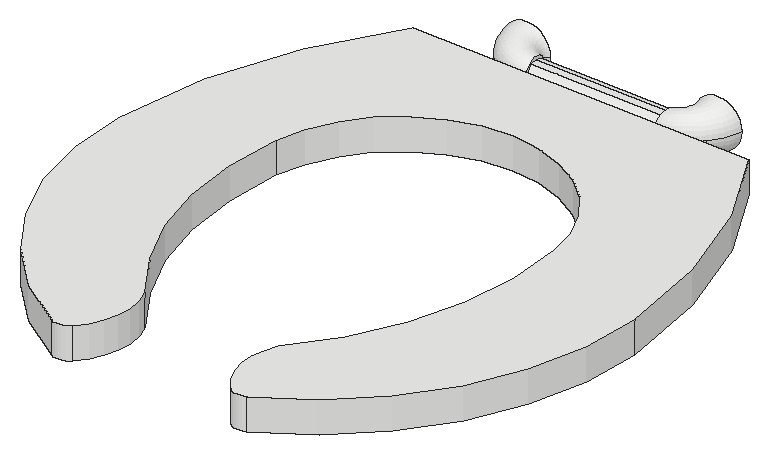
Revit family "Toilet_Seat-Right_Width-American_Standard-5309110.020", category Plumbing Fixtures, Revit 2019
Family settings
  Round Connector Dimension = Use Diameter
  Part Type = Normal
  OmniClass Number = 23.45.05.21.11
  OmniClass Title = Water Closets
  Work Plane-Based = Yes
  Always vertical = No
  Cut with Voids When Loaded = No
  Shared = Yes
  Room Calculation Point = No
Parameters (values of type "5309110.020")
  Width = 16 7/16"
  Waste Connection = no
  Vent Connection = no
  URL = "https://www.americanstandard-us.com/Elongated-Toilet-Seats/Right-Width-Open-Front-Elongated-Toilet-Seat/WHITE-5309110020"
  Type Comments = ""
  Revised Date = "03/01/2023"  # constant formula
  Product Page URL = "https://www.americanstandard-us.com/"
  Product Documentation Link = "https://americanstandard.box.com/shared/static/yolmud1915loqpwtiywmv0p1gmptvsht.pdf"
  Model = "5309110.020"
  Material = "Polypropylene-American Standard-020-White"
  Manufacturer = "American Standard"
  Keynote = ""
  Installation Type = "Toilet Mounted"
  HW Connection = no
  Finish = Polypropylene-American Standard-020-White
  Description = "Right Width Open Front Elongated Toilet Seat"
  Default Elevation = 0"
  Creation Date = "13/04/2012"  # constant formula
  Cost = 0
  CW Connection = no
  Assembly Code = "D2010110"
Reference planes (in)
  plane 1 "Center (Front/Back)": y = 0
  plane 2: z = 0
  plane 3 "Center (Left/Right)": x = 0
  plane 4: x = -8.21875
  plane 5: x = 8.21875
  plane 6: x = -1.9375
  plane 7: x = 1.9375
  plane 8: x = -4.53125
  plane 9: x = 4.53125
  plane 10: y = 1.66122
Forms (in)
  Extrusion 1, solid, material "Polypropylene-American Standard-020-White" <- "Finish"
    sketch origin (-0.02594, 0, 0) x (1, 0, 0) y (0, 1, 0)
      loop
        arc (-5.33054, 0) -> (-7.35445, -3.85548) -> (-8.20457, -8.12611) r 15.22916
        arc (-8.20457, -8.12611) -> (-6.96875, -13.41443) -> (-3.09272, -17.21837) r 9.73748
        arc (-3.09272, -17.21837) -> (-2.77108, -17.27076) -> (-2.48547, -17.11382) r 0.5
        arc (-2.48547, -17.11382) -> (-1.9372, -15.96239) -> (-2.11471, -14.6995) r 2.21496
        arc (-2.11471, -14.6995) -> (-4.13549, -10.88904) -> (-4.42898, -6.58589) r 10.35705
        arc (-4.42898, -6.58589) -> (0.02594, -2.72123) -> (4.48087, -6.58589) r 4.5
        arc (4.48087, -6.58589) -> (4.18738, -10.88904) -> (2.1666, -14.6995) r 10.35705
        arc (2.1666, -14.6995) -> (1.98909, -15.96239) -> (2.53735, -17.11382) r 2.21496
        arc (2.53735, -17.11382) -> (2.82296, -17.27076) -> (3.14461, -17.21837) r 0.5
        arc (3.14461, -17.21837) -> (7.02063, -13.41443) -> (8.25645, -8.12611) r 9.73748
        arc (8.25645, -8.12611) -> (7.40633, -3.85548) -> (5.38242, 0) r 15.22916
        line (5.38242, 0) -> (-5.33054, 0)
    from 0 to 1
  Extrusion 2, solid, material "Polypropylene-American Standard-020-White" <- "Finish"
    sketch origin (0.00074, 19.41387, 0) x (0, 1, 0) y (0, 0, 1)
      loop
        arc (-18.58384, 0) -> (-18.14912, 0.43472) -> (-18.58384, 0.86945) r 0.43472
        line (-18.58384, 0.86945) -> (-18.79135, 0.86945)
        arc (-18.79135, 0.86945) -> (-19.0647, 0.62084) -> (-19.41387, 0.5) r 0.91892
        line (-19.41387, 0.5) -> (-19.41387, 0) -> (-18.58384, 0)
    from -2.23711 to 2.23564
  SweptBlend 3, solid, material "Polypropylene-American Standard-020-White" <- "Finish"
    path origin (-0.17323, 0.41563, 0) x (0.999978, 0.006659, 0) y (-0.006659, 0.999978, 0)
      loop
        arc (-1.94016, 0.42998) -> (-2.59604, 0.63628) -> (-2.87488, 1.26476) r 0.83517
    profile origin (-2.11621, 0.83269, 0) x (0.125828, -0.992052, 0) y (0, 0, 1)
      loop
        circle (0, 0.51526) r 0.43472
    end profile origin (-3.05647, 1.66122, 0) x (-1, 0, 0) y (0, 0, 1)
      loop
        circle (0, 0.51804) r 0.75
  SweptBlend 4, solid, material "Polypropylene-American Standard-020-White" <- "Finish"
    path origin (0.17323, 0.41563, 0) x (-0.999978, 0.006659, 0) y (0.006659, 0.999978, 0)
      loop
        arc (-1.94016, 0.42998) -> (-2.59604, 0.63628) -> (-2.87488, 1.26476) r 0.83517
    profile origin (2.11621, 0.83269, 0) x (0.125828, 0.992052, 0) y (0, 0, 1)
      loop
        circle (0, 0.51526) r 0.43472
    end profile origin (3.05647, 1.66122, 0) x (-1, 0, 0) y (0, 0, 1)
      loop
        circle (0, 0.51804) r 0.75
Lines and regions (in)
  Masking region 1
    outline origin (0, 0, 0) x (1, 0, 0) y (0, 1, 0)
      loop
        arc (-5.35648, 0) -> (-7.38039, -3.85548) -> (-8.23051, -8.12611) r 15.22916
        arc (-8.23051, -8.12611) -> (-6.99469, -13.41443) -> (-3.11867, -17.21837) r 9.73748
        arc (-3.11867, -17.21837) -> (-2.79702, -17.27076) -> (-2.51141, -17.11382) r 0.5
        arc (-2.51141, -17.11382) -> (-1.96315, -15.96239) -> (-2.14065, -14.6995) r 2.21496
        arc (-2.14065, -14.6995) -> (-4.16144, -10.88904) -> (-4.45492, -6.58589) r 10.35705
        arc (-4.45492, -6.58589) -> (0, -2.72123) -> (4.45492, -6.58589) r 4.5
        arc (4.45492, -6.58589) -> (4.16144, -10.88904) -> (2.14065, -14.6995) r 10.35705
        arc (2.14065, -14.6995) -> (1.96315, -15.96239) -> (2.51141, -17.11382) r 2.21496
        arc (2.51141, -17.11382) -> (2.79702, -17.27076) -> (3.11867, -17.21837) r 0.5
        arc (3.11867, -17.21837) -> (6.99469, -13.41443) -> (8.23051, -8.12611) r 9.73748
        arc (8.23051, -8.12611) -> (7.38039, -3.85548) -> (5.35648, 0) r 15.22916
        line (5.35648, 0) -> (2.23637, 0) -> (2.23637, 0.3898)
        arc (2.23637, 0.3898) -> (3.30065, 0.68068) -> (3.80645, 1.66122) r 1.37171
        line (3.80645, 1.66122) -> (2.30648, 1.66122)
        arc (2.30648, 1.66122) -> (2.37147, 1.4453) -> (2.23637, 1.26476) r 0.25024
        line (2.23637, 1.26476) -> (-2.23637, 1.26476)
        arc (-2.23637, 1.26476) -> (-2.37147, 1.4453) -> (-2.30648, 1.66122) r 0.25024
        line (-2.30648, 1.66122) -> (-3.80645, 1.66122)
        arc (-3.80645, 1.66122) -> (-3.30065, 0.68068) -> (-2.23637, 0.3898) r 1.37171
        line (-2.23637, 0.3898) -> (-2.23637, 0) -> (-5.35648, 0)
  symbolic lines, detail levels medium+fine
    curve 1: line (5.35648, 0, 0) -> (-5.35648, 0, 0)
    curve 2: line (-2.23637, 1.26476, 0) -> (-2.23637, 0, 0)
    curve 3: line (2.23637, 0, 0) -> (2.23637, 1.26476, 0)
  symbolic lines, detail levels fine
    curve 4: line (-2.23637, 0.62253, 0) -> (2.23637, 0.62253, 0)
Dimensions and locks (in)
  "Width": plane 4 to plane 5
  equal spacing: plane 4, plane 3 "Center (Left/Right)", plane 5
  locked: plane 6 to plane 7 at 3.875
  plane 3 "Center (Left/Right)" to plane 5 = 8 7/32"
  locked: plane 8 to plane 9 at 9.0625
  aligned and locked: curve 1 to Extrusion 1
  aligned and locked: curve 2 to Extrusion 2
  aligned and locked: curve 3 to Extrusion 2
  aligned and locked: plane 10 to SweptBlend 3
Automatic sketch dimensions
  curve 1 to plane 8 = 0.82523"
  curve 1 to plane 9 = 0.82523"
  curve 2 to curve 4 = 0.62253"
  curve 3 to plane 10 = 0.39646"
  curve 2 to plane 10 = 0.39646"
  plane 1 "Center (Front/Back)" to Extrusion 1 sketch curve = 0"
  Extrusion 1 sketch curve to plane 3 "Center (Left/Right)" = 0"
  Extrusion 1 sketch curve to plane 6 = 0.44423"
  plane 6 to Extrusion 1 sketch curve = 0.94435"
  plane 8 to Extrusion 1 sketch curve = 0.37881"
  Extrusion 1 sketch curve to plane 8 = 0.82523"
  Extrusion 1 sketch curve to plane 8 = 1.26713"
  plane 4 to Extrusion 1 sketch curve = 1.24152"
  Extrusion 1 sketch curve to plane 7 = 0.44423"
  plane 7 to Extrusion 1 sketch curve = 0.94435"
  plane 9 to Extrusion 1 sketch curve = 0.37881"
  Extrusion 1 sketch curve to plane 9 = 0.82523"
  Extrusion 1 sketch curve to plane 9 = 1.26713"
  Extrusion 1 sketch curve to plane 5 = 1.24152"
  plane 1 "Center (Front/Back)" to Extrusion 1 sketch curve = 7.22123"
  Extrusion 1 sketch curve to Extrusion 1 sketch curve = 0.82694"  (x2)
  Extrusion 1 sketch curve to Extrusion 1 sketch curve = 1.4211"  (x2)
  Extrusion 1 sketch curve to Extrusion 1 sketch curve = 0.8853"  (x2)
  Extrusion 1 sketch curve to Extrusion 1 sketch curve = 6.69273"  (x2)
  Extrusion 1 sketch curve to Extrusion 1 sketch curve = 1.15182"  (x2)
  plane 6 to Extrusion 1 sketch curve = 0.20315"
  Extrusion 1 sketch curve to Extrusion 1 sketch curve = 0.37044"  (x2)
  Extrusion 1 sketch curve to Extrusion 1 sketch curve = 0"  (x5)
  plane 7 to Extrusion 1 sketch curve = 0.20315"
  Extrusion 2 sketch curve to plane 1 "Center (Front/Back)" = 0"
  Extrusion 2 sketch curve to level = 0"
  plane 1 "Center (Front/Back)" to Extrusion 2 sketch curve = 0.1198"
  Extrusion 2 sketch curve to plane 1 "Center (Front/Back)" = 0.62253"
  Extrusion 2 sketch curve to Extrusion 2 sketch curve = 0.20751"
  Extrusion 2 sketch curve to Extrusion 2 sketch curve = 0.43472"
  Extrusion 2 sketch curve to Extrusion 2 sketch curve = 1/2"
  plane 1 "Center (Front/Back)" to Masking region 1 sketch curve = 0"  (x2)
  Masking region 1 sketch curve to plane 10 = 0"  (x2)
  Masking region 1 sketch curve to plane 3 "Center (Left/Right)" = 0"
  Masking region 1 sketch curve to plane 6 = 0.44423"
  plane 6 to Masking region 1 sketch curve = 0.18755"
  plane 6 to Masking region 1 sketch curve = 0.29887"
  Masking region 1 sketch curve to Masking region 1 sketch curve = 0.11132"  (x2)
  Masking region 1 sketch curve to Masking region 1 sketch curve = 0.18143"  (x2)
  Masking region 1 sketch curve to Masking region 1 sketch curve = 0.13092"  (x2)
  plane 6 to Masking region 1 sketch curve = 0.94435"
  plane 8 to Masking region 1 sketch curve = 0.7248"
  plane 8 to Masking region 1 sketch curve = 0.37881"
  Masking region 1 sketch curve to plane 8 = 0.82523"
  Masking region 1 sketch curve to plane 8 = 1.26713"
  plane 4 to Masking region 1 sketch curve = 1.24152"
  Masking region 1 sketch curve to plane 7 = 0.44423"
  plane 7 to Masking region 1 sketch curve = 0.18755"
  plane 7 to Masking region 1 sketch curve = 0.29887"
  plane 7 to Masking region 1 sketch curve = 0.94435"
  plane 9 to Masking region 1 sketch curve = 0.7248"
  plane 9 to Masking region 1 sketch curve = 0.37881"
  Masking region 1 sketch curve to plane 9 = 0.82523"
  Masking region 1 sketch curve to plane 9 = 1.26713"
  Masking region 1 sketch curve to plane 5 = 1.24152"
  plane 1 "Center (Front/Back)" to Masking region 1 sketch curve = 7.22123"
  Masking region 1 sketch curve to Masking region 1 sketch curve = 0.82694"  (x2)
  Masking region 1 sketch curve to Masking region 1 sketch curve = 1.4211"  (x2)
  Masking region 1 sketch curve to Masking region 1 sketch curve = 0.8853"  (x2)
  Masking region 1 sketch curve to Masking region 1 sketch curve = 6.69273"  (x2)
  Masking region 1 sketch curve to Masking region 1 sketch curve = 1.15182"  (x2)
  Masking region 1 sketch curve to Masking region 1 sketch curve = 0.3898"  (x2)
  Masking region 1 sketch curve to plane 10 = 0.39646"
  plane 6 to Masking region 1 sketch curve = 0.20315"
  Masking region 1 sketch curve to Masking region 1 sketch curve = 0.37044"  (x2)
  Masking region 1 sketch curve to Masking region 1 sketch curve = 0"  (x5)
  plane 7 to Masking region 1 sketch curve = 0.20315"
  SweptBlend 3 sketch curve to plane 10 = 0"  (x2)
  plane 6 to SweptBlend 3 sketch curve = 0.2838"
  SweptBlend 3 sketch curve to SweptBlend 3 sketch curve = 0.83515"
  SweptBlend 3 sketch curve to SweptBlend 3 sketch curve = 0.09957"
  SweptBlend 3 sketch curve to profile plane = 0"  (x2)
  level to SweptBlend 3 sketch curve = 0.51526"
  level to SweptBlend 3 sketch curve = 0.51804"
  SweptBlend 4 sketch curve to plane 10 = 0"  (x2)
  SweptBlend 4 sketch curve to plane 7 = 0.2838"
  SweptBlend 4 sketch curve to SweptBlend 4 sketch curve = 0.83515"
  SweptBlend 4 sketch curve to SweptBlend 4 sketch curve = 0.09957"
  SweptBlend 4 sketch curve to profile plane = 0"  (x2)
  level to SweptBlend 4 sketch curve = 0.51526"
  level to SweptBlend 4 sketch curve = 0.51804"
  radius of SweptBlend 3 sketch curve = 0.43472"
  radius of SweptBlend 3 sketch curve = 3/4"
  radius of SweptBlend 4 sketch curve = 0.43472"
  radius of SweptBlend 4 sketch curve = 3/4"
